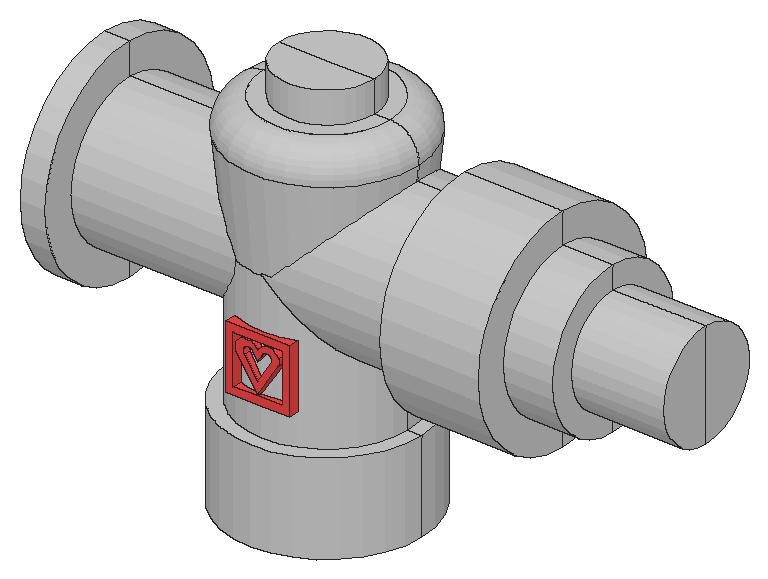
Revit family "Термостатический клапан HERZ-TS-98-VH М 30х1,5 с плавной, открытой преднастройкой, угловой, осевой специальный 7628", category Rohrzubehör, Revit 2020
Family settings
  Bemaßung runder Anschluss = Durchmesser verwenden
  Teiletyp = Unterbricht
  OmniClass-Nummer = 23.65.55.14
  OmniClass-Titel = Valves for Liquid Services
  Arbeitsebenenbasiert = Nein
  Immer vertikal = Ja
  Beim Laden mit Abzugskörper schneiden = Nein
  Gemeinsam genutzt = Nein
Parameters
  Среда = "Качество воды в соответствии с ÖNORM H 5195 или директивой VDI 2035."
  Соединительная резьба для термостатической головки = "M30x1.5"  # constant formula
  Область применения = "Системы водяного отопления, в которых гидравлическая балансировка с помощью запорных клапанов для отключения радиаторов невозможна или нежелательна."
  Номер заказа = 1762826  # constant formula
  Макс. рабочее давление = 1000000.0 Pa  # constant formula
  Макс. рабочая температура = 120 °C  # constant formula
  Корпус = "Никелированная латунь"  # constant formula
  Исполнение = "Все модели поставляются в никелированном исполнении со светло-серым защитным колпачком."
  Защитный колпачок = "Пластик, светло-серый"  # constant formula
  Vorgabe-Ansicht = 0.000 mm
  URL = "www.herz-armaturen.ru"
  SCRNSEQ = "ARM;ARM_TYP=\"ALLF\";2"
  SCRNCODE = "05;00;02"  # constant formula
  S02 = L06 + L07 - L03  # 26.800 mm
  S01 = 10.000 mm  # constant formula
  R06 = 4.000 mm  # constant formula
  R05 = 13.500 mm  # constant formula
  R04 = 11.500 mm  # constant formula
  R03 = 9.000 mm  # constant formula
  R02 = 6.750 mm  # constant formula
  R01 = 7.000 mm  # constant formula
  Nennweite = 15.000 mm  # constant formula
  LO1 = 16.000 mm  # constant formula
  L11 = L01 - L05  # 28.000 mm
  L10 = 7.500 mm  # constant formula
  L09 = 19.500 mm  # constant formula
  L08 = 13.200 mm  # constant formula
  L07 = 20.300 mm  # constant formula
  L06 = 14.000 mm  # constant formula
  L05 = 3.500 mm  # constant formula
  L04 = 28.000 mm  # constant formula
  L03 = 7.500 mm  # constant formula
  L02 = 27.000 mm  # constant formula
  L01 = 31.500 mm  # constant formula
  Hersteller = "HERZ Armaturen Ges.m.b.H."  # constant formula
  H04 = 12.900 mm  # constant formula
  H03 = 4.400 mm  # constant formula
  H02 = 22.350 mm  # constant formula
  H01 = 33.500 mm  # constant formula
  GT = 9.500 mm  # constant formula
  G2 = Nennweite / 2  # 7.500 mm
  G1 = Nennweite / 2  # 7.500 mm
  D08 = 5.300 mm  # constant formula
  D07 = 17.100 mm  # constant formula
  D06 = 10.650 mm  # constant formula
  D05 = 15.000 mm  # constant formula
  D04 = 9.525 mm  # constant formula
  D03 = 11.500 mm  # constant formula
  D02 = 10.500 mm  # constant formula
  D01 = 15.000 mm  # constant formula
Reference planes
  plane 1 "Mitte (Vorne/hinten)": y = 0
  plane 2: z = 0
  plane 3 "Mitte (Links/rechts)": x = 0
Forms (mm)
  Revolve 1, solid, material "Messing, weicher Gelbton, geschweißt", detail levels fine
    sketch origin (0, 0, 0) x (1, 0, 0) y (0, 0, 1)
      loop
        line (27, 0) -> (27, 9.525) -> (19.5, 9.525) -> (19.5, 11.5) -> (0, 11.5) -> (0, 10.5) -> (-28, 10.5) -> (-28, 15) -> (-31.5, 15) -> (-31.5, 0) -> (27, 0)
      axis (-31.5, 0) -> (27, 0)
    angle from 0 to 360
  Revolve 2, solid, material "Messing, weicher Gelbton, geschweißt", detail levels fine
    sketch origin (0, 0, 0) x (1, 0, 0) y (0, 0, 1)
      loop
        line (27, 0) -> (53.8, 0) -> (53.8, 7.5) -> (40.6, 7.5) -> (40.6, 10.65) -> (33.5, 10.65) -> (33.5, 15) -> (19.5, 15) -> (19.5, 9.525) -> (27, 9.525) -> (27, 0)
      axis (19.5, 0) -> (53.8, 0)
    angle from 0 to 360
  Revolve 3, solid, material "Messing, weicher Gelbton, geschweißt", detail levels fine
    sketch origin (0, 0, 0) x (1, 0, 0) y (0, 0, 1)
      loop
        line (0, 22.35) -> (0, -24) -> (7.5, -24) -> (7.5, -33.5) -> (13.5, -33.5) -> (13.5, -20.6) -> (11.5, -20.6) -> (11.5, 0) -> (12.969, 13.456)
        arc (12.969, 13.456) -> (11.998, 16.598) -> (9, 17.95) r 4
        line (9, 17.95) -> (6.75, 17.95) -> (6.75, 22.35) -> (0, 22.35)
      axis (0, 22.35) -> (0, -33.5)
    angle from 0 to 360
Lines and regions (mm)
  model lines, detail levels coarse+medium
    curve 1: line (0, 0, 0) -> (-13.5, 0, -33.5)
    curve 2: line (-13.5, 0, -33.5) -> (13.5, 0, -33.5)
    curve 3: line (13.5, 0, -33.5) -> (0, 0, 0)
    curve 4: line (0, 0, 0) -> (27, 0, 15)
    curve 5: line (27, 0, 15) -> (27, 0, -15)
    curve 6: line (27, 0, -15) -> (0, 0, 0)
    curve 7: line (0, 0, 0) -> (-31.5, 0, 0)
    curve 8: line (27, 0, 15) -> (37, 0, 15)
    curve 9: line (37, 0, 15) -> (27, 0, 0)
    curve 10: line (27, 0, -15) -> (37, 0, -15)
    curve 11: line (37, 0, -15) -> (27, 0, 0)
    curve 12: line (27, 0, 0) -> (53.8, 0, 0)
    curve 13: line (0, 0, 0) -> (-13.5, -33.5, 0)
    curve 14: line (-13.5, -33.5, 0) -> (13.5, -33.5, 0)
    curve 15: line (13.5, -33.5, 0) -> (0, 0, 0)
    curve 16: line (0, 0, 0) -> (27, 15, 0)
    curve 17: line (27, 15, 0) -> (27, -15, 0)
    curve 18: line (27, -15, 0) -> (0, 0, 0)
    curve 19: line (27, 15, 0) -> (37, 15, 0)
    curve 20: line (37, 15, 0) -> (27, 0, 0)
    curve 21: line (27, -15, 0) -> (37, -15, 0)
    curve 22: line (37, -15, 0) -> (27, 0, 0)
Dimensions and locks
  "D01": Revolve 1 sketch curve to Revolve 1 sketch curve
  "L05": Revolve 1 sketch curve to Revolve 1 sketch curve
  "D02": Revolve 1 sketch curve to Revolve 1 sketch curve
  "L01": plane 3 "Mitte (Links/rechts)" to Revolve 1 sketch curve
  "L02": plane 3 "Mitte (Links/rechts)" to Revolve 1 sketch curve
  "D03": Revolve 1 sketch curve to Revolve 1 sketch curve
  "D04": Revolve 1 sketch curve to Revolve 1 sketch curve
  "L04": Revolve 1 sketch curve to Revolve 1 sketch curve
  "L03": Revolve 1 sketch curve to Revolve 1 sketch curve
  "L06": Revolve 2 sketch curve to Revolve 2 sketch curve
  "L03": Revolve 2 sketch curve to Revolve 1
  "L02": Revolve 2 sketch curve to plane 3 "Mitte (Links/rechts)"
  "L07": Revolve 2 sketch curve to Revolve 2 sketch curve
  "L08": Revolve 2 sketch curve to Revolve 2 sketch curve
  "D04": Revolve 2 sketch curve to Revolve 2 sketch curve
  "D05": Revolve 2 sketch curve to Revolve 2 sketch curve
  "G2": Revolve 2 sketch curve to Revolve 2 sketch curve
  "D06": Revolve 2 sketch curve to Revolve 2 sketch curve
  "H01": plane 2 to Revolve 3 sketch curve
  "H02": Revolve 3 sketch curve to plane 2
  "R02": Revolve 3 sketch curve to Revolve 3 sketch curve
  "H03": Revolve 3 sketch curve to Revolve 3 sketch curve
  "H04": Revolve 3 sketch curve to Revolve 3 sketch curve
  "R05": Revolve 3 sketch curve to Revolve 3 sketch curve
  "R04": Revolve 3 sketch curve to Revolve 3 sketch curve
  "R03": Revolve 3 sketch curve to plane 3 "Mitte (Links/rechts)"
  "GT": Revolve 3 sketch curve to Revolve 3 sketch curve
  "G1": Revolve 3 sketch curve to Revolve 3 sketch curve
  "H01": plane 2 to curve 2
  "R05": curve 3 to plane 3 "Mitte (Links/rechts)" to curve 2
  "L02": curve 5 to plane 3 "Mitte (Links/rechts)"
  "D05": curve 8 to plane 2 to curve 10
  "S01": curve 5 to curve 9
  "S02": curve 12 to curve 12
  "L01": curve 7 to curve 7
  "H01": curve 14 to plane 1 "Mitte (Vorne/hinten)"
  "R05": curve 14 to plane 3 "Mitte (Links/rechts)" to curve 15
  "L02": plane 3 "Mitte (Links/rechts)" to curve 17
  "S01": curve 17 to curve 20
  "S01": curve 5 to curve 11
  "S01": curve 17 to curve 22
  "D05": curve 21 to plane 1 "Mitte (Vorne/hinten)" to curve 19
  "R04": nested 1 to plane 1 "Mitte (Vorne/hinten)"
  "LO1": plane 2 to nested 1
  "R06": radius of Revolve 3 sketch curve
  aligned and locked: level to plane 2
Automatic sketch dimensions
  curve 7 to level = 0.000 mm
  curve 1 to plane 3 "Mitte (Links/rechts)" = 0.000 mm
  curve 11 to level = 0.000 mm
  plane 1 "Mitte (Vorne/hinten)" to curve 13 = 0.000 mm
  curve 13 to plane 3 "Mitte (Links/rechts)" = 0.000 mm
  plane 1 "Mitte (Vorne/hinten)" to curve 20 = 0.000 mm
  Revolve 1 sketch curve to level = 0.000 mm  (x2)
  Revolve 1 sketch curve to Revolve 1 sketch curve = 1475.030 mm
  Revolve 1 sketch curve to Revolve 1 sketch curve = 1812.148 mm
  Revolve 2 sketch curve to level = 0.000 mm  (x2)
  Revolve 2 sketch curve to plane 3 "Mitte (Links/rechts)" = 1506.530 mm
  Revolve 2 sketch curve to Revolve 2 sketch curve = 1785.348 mm
  Revolve 3 sketch curve to plane 3 "Mitte (Links/rechts)" = 0.000 mm  (x2)
  Revolve 3 sketch curve to level = 0.000 mm
  Revolve 3 sketch curve to Revolve 3 sketch curve = 3.969 mm
  Revolve 3 sketch curve to Revolve 3 sketch curve = 332.545 mm
  Revolve 3 sketch curve to Revolve 3 sketch curve = 2191.965 mm
Nested families
  nested 1: "Herz-Logo-vorne" at (0, -11.5, -11.5) x (0, 1, 0) z (0, 0, 1), type "Herz-Logo-vorne"
Connectors
  piping at (53.8, 0, 0), diameter 15, driven by "Nennweite"
    settings: on Revolve 2, index 1, connector inside diameter 609.6 mm, connector length 0.000 mm, flow factor 0, pipe flow 0.0 L/s, pressure drop 0.0 Pa, fitting loss kfactor 0, connector angle 0.00°, fixture units 0, engagement length 0.000 mm, angle of deflection 0.00°, flow configuration 0, flow direction 2, fitting loss method 0, system type 7, joint type 0, gender type 0, connector reference index -1, connector utility 0, adjustable connector no, is connector primary yes, connector description ""
  piping at (0, 0, -24), diameter 15, driven by "Nennweite"
    settings: on Revolve 3, index 5, connector inside diameter 609.6 mm, connector length 0.000 mm, flow factor 0, pipe flow 0.0 L/s, pressure drop 0.0 Pa, fitting loss kfactor 0, connector angle 0.00°, fixture units 0, engagement length 0.000 mm, angle of deflection 0.00°, flow configuration 0, flow direction 1, fitting loss method 0, system type 7, joint type 0, gender type 0, connector reference index -1, connector utility 0, adjustable connector no, is connector primary no, connector description ""
Definition of nested family "Herz-Logo-vorne"
  Parameters (values of type "Herz-Logo-vorne")
    Default Elevation = 0.000 mm
  Reference planes
    plane 1 "Mitte (Vorne/hinten)": y = 0
    plane 2: z = 0
    plane 3 "Mitte (Links/rechts)": x = 0
  Forms (mm)
    Extrusion 1, solid
      sketch origin (0.732, -0.018, 0.017) x (0, -1, 0) y (0, 0, 1)
        loop
          line (-0.018, -4.517) -> (4.482, -4.517) -> (4.482, 4.483) -> (-4.518, 4.483) -> (-4.518, -4.517) -> (-0.018, -4.517)
        loop
          line (-0.05, -3.48) -> (3.482, -3.48) -> (3.482, 3.483) -> (-3.518, 3.483) -> (-3.518, -3.48) -> (-0.05, -3.48)
        loop
          arc (-0.018, 2.383) -> (-1.543, 3.287) -> (-3.067, 2.383) r 1.738
          arc (-3.067, 2.383) -> (-3.191, 1.899) -> (-3.067, 1.415) r 1.009
          line (-3.067, 1.415) -> (-0.018, -3.281) -> (3.032, 1.415)
          arc (3.032, 1.415) -> (3.156, 1.899) -> (3.032, 2.383) r 1.009
          arc (3.032, 2.383) -> (1.507, 3.287) -> (-0.018, 2.383) r 1.738
        loop
          arc (1.885, 1.272) -> (2.005, 1.675) -> (1.885, 2.079) r 0.74
          arc (1.885, 2.079) -> (1.265, 2.416) -> (0.644, 2.079) r 0.74
          line (0.644, 2.079) -> (-0.018, 0.97) -> (-0.679, 2.079)
          arc (-0.679, 2.079) -> (-1.3, 2.416) -> (-1.921, 2.079) r 0.74
          arc (-1.921, 2.079) -> (-2.04, 1.675) -> (-1.921, 1.272) r 0.74
          line (-1.921, 1.272) -> (-0.018, -1.658) -> (1.885, 1.272)
      from 0 to 1.5
  Dimensions and locks
    aligned and locked: level to plane 2
